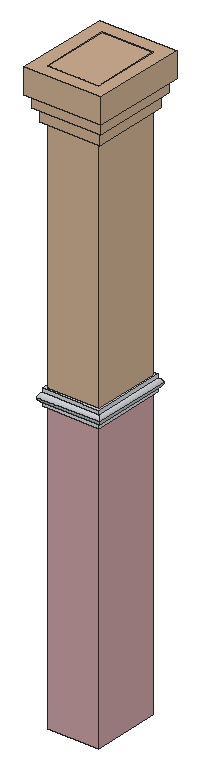
Revit family "STC_A3-438-PIER", category Site, Revit 2016
Family settings
  Part Type = Undefined
  Round Connector Dimension = Use Diameter
  Work Plane-Based = No
  Always vertical = Yes
  Cut with Voids When Loaded = No
  Shared = No
Parameters (values of type "roberts-pier 345")
  width = 345 mm
  stone = 1020 mm
  length = 460 mm
  height = 3000 mm
  depth = 1020 mm
  Assembly Code = ""
Types (2, lengths in mm): name | width | length | height
  roberts-pier 345 | 345 | 460 | 3000
  roberts-pier | 570 | 570 | 3300
Reference planes
  plane 1 "Center (Front/Back)": y = 0
  plane 2: z = 0
  plane 3 "Center (Left/Right)": x = 0
  plane 4: x = -172.5
  plane 5: x = 172.5
  plane 6: y = 230
  plane 7: y = -230
  plane 8: z = 3000
  plane 9: z = 2660
  plane 10: z = 2575
  plane 11: z = -1020
  plane 12: x = -152.5
  plane 13: x = 152.5
  plane 14: y = 210
  plane 15: y = -210
  plane 16: z = 1020
Forms (mm)
  Extrusion 1, solid, material "-WALL"
    sketch origin (0, 0, 0) x (1, 0, 0) y (0, 1, 0)
      loop
        line (172.5, 230) -> (-172.5, 230) -> (-172.5, -230) -> (172.5, -230) -> (172.5, 230)
    from 1020 to 3000
  Extrusion 2, solid, material "-BW"
    sketch origin (0, 0, -1745) x (1, 0, 0) y (0, 1, 0)
      loop
        line (172.5, 230) -> (-172.5, 230) -> (-172.5, -230) -> (172.5, -230) -> (172.5, 230)
    from 725 to 2765
  Sweep 3, solid
    path origin (-938.083, 0, 1020) x (1, 0, 0) y (0, 1, 0)
      loop
        line (765.583, 230) -> (765.583, -230) -> (1110.583, -230) -> (1110.583, 230) -> (765.583, 230)
    profile "DADO-470 : DADO-470" origin (0, 230, 1020) x (0, 1, 0) y (0, 0, 1)
      loop
        line (20, 25) -> (0, 25) -> (0, -85) -> (20, -85) -> (20, -60)
        arc (20, -60) -> (34.542, -48.028) -> (40, -30) r 32.5
        arc (40, -30) -> (34.542, -11.972) -> (20, 0) r 32.5
        line (20, 0) -> (20, 25)
  Sweep 4, solid, material "-corbel"
    path origin (874.69, 0, 3000) x (1, 0, 0) y (0, 1, 0)
      loop
        line (-1047.19, 230) -> (-1047.19, -230) -> (-702.19, -230) -> (-702.19, 230) -> (-1047.19, 230)
    profile "476-C : 476-C" origin (0, 230, 3000) x (0, 1, 0) y (0, 0, 1)
      loop
        line (0, -340) -> (30, -340) -> (30, -255) -> (60, -255) -> (60, -170) -> (90, -170) -> (90, 0) -> (0, 0) -> (0, -340)
Dimensions and locks
  "height": level to plane 8
  "depth": plane 11 to level
  "width": plane 4 to plane 5
  equal spacing: plane 4, plane 3 "Center (Left/Right)", plane 5
  "length": plane 7 to plane 6
  equal spacing: plane 7, plane 1 "Center (Front/Back)", plane 6
  locked: plane 4 to plane 12 at 20
  locked: plane 13 to plane 5 at 20
  locked: plane 14 to plane 6 at 20
  locked: plane 7 to plane 15 at 20
  "stone": level to plane 16
  locked: plane 9 to plane 8 at 340
  locked: plane 10 to plane 9 at 85
  aligned and locked: Extrusion 1 to plane 6
  aligned and locked: Extrusion 1 to plane 4
  aligned and locked: plane 7 to Extrusion 1
  aligned and locked: plane 5 to Extrusion 1
  aligned and locked: Extrusion 1 to plane 16
  aligned and locked: plane 6 to Sweep 3 sketch curve
  aligned and locked: Sweep 3 sketch curve to plane 5
  aligned and locked: Sweep 3 sketch curve to plane 7
  aligned and locked: plane 4 to Sweep 3 sketch curve
Automatic sketch dimensions
  Extrusion 1 sketch curve to plane 4 = 0 mm
  Extrusion 1 sketch curve to plane 5 = 0 mm
  Extrusion 1 sketch curve to plane 7 = 0 mm
  Extrusion 1 sketch curve to plane 6 = 0 mm
  Extrusion 2 sketch curve to plane 4 = 0 mm
  Extrusion 2 sketch curve to plane 5 = 0 mm
  Extrusion 2 sketch curve to plane 7 = 0 mm
  Extrusion 2 sketch curve to plane 6 = 0 mm
  Sweep 4 sketch curve to plane 4 = 0 mm
  Sweep 4 sketch curve to plane 5 = 0 mm
  Sweep 4 sketch curve to plane 7 = 0 mm
  Sweep 4 sketch curve to plane 6 = 0 mm
